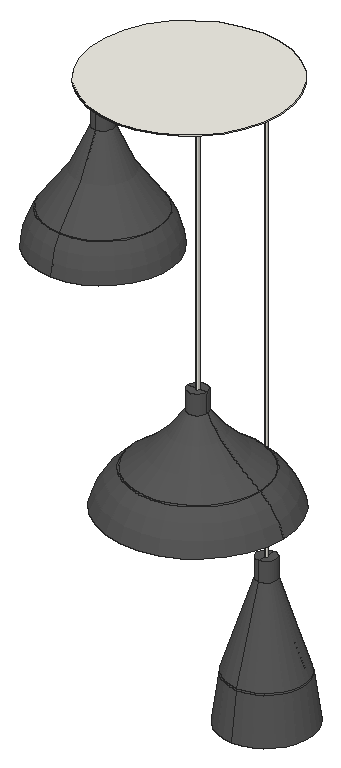
Revit family "Haworth_Swell_ThreeMixedLights", category Lighting Fixtures, Revit 2018
Family settings
  Round Connector Dimension = Use Diameter
  Part Type = Normal
  OmniClass Number = 23.80.70.11.14
  OmniClass Title = General Luminaries, Directional
  Work Plane-Based = No
  Always vertical = Yes
  Cut with Voids When Loaded = No
  Light Source = Yes
  Shared = No
  Room Calculation Point = No
Parameters (values of type "LSP3-2810")
  Wattage Comments = ""
  Wattage = 2.85 W
  Warranty = "http://www.haworth.com/resources/product-info/warranties"
  built-in parameter 1150110 = 1 (stored number, unit not read)
  URL - Product = "http://www.haworth.com/products/lighting/pendant/swell"
  URL = "http://www.haworth.com/our-brands/haworth-collection"
  Trim Finish = Haworth _ Paint _ Collection White
  built-in parameter 1114217 = 1 (stored number, unit not read)
  built-in parameter 1150109 = 1 (stored number, unit not read)
  built-in parameter 1150134 = 5
  built-in parameter 1150113 = 1 (stored number, unit not read)
  Size = "Verify Final Dim. w/ Haworth"  # constant formula
  Revision Number = "1"  # constant formula
  Model = "LSP3-2810"
  Manufacturer = "Haworth"  # constant formula
  built-in parameter 1150105 = 90.718 (stored number, unit not read)
  Lumens = 285 lm
  built-in parameter 1150115 = 1 (stored number, unit not read)
  Light Source Symbol Size = 12"  # constant formula
  built-in parameter 1150137 = (empty or 0)
  built-in parameter 1150139 = (empty or 0)
  built-in parameter 1150112 = 1 (stored number, unit not read)
  Lamp Outer Finish [instance] = Haworth _ Paint _ Collection Black
  built-in parameter 1150114 = 1 (stored number, unit not read)
  Lamp Inner Finish [instance] = Haworth _ Metal _ Chrome
  built-in parameter 1150132 = 2
  built-in parameter 1150102 = (empty or 0)
  built-in parameter 1150107 = 6000 (stored number, unit not read)
  built-in parameter 1150138 = (empty or 0)
  built-in parameter 1150106 = 22.68 (stored number, unit not read)
  Height = 120"  # constant formula
  Emit from Circle Diameter = 27"
  Emit Shape Visible in Rendering = no
  built-in parameter 1150104 = 9.2903 (stored number, unit not read)
  Dimming Lamp Color Temperature Shift = Incandescent Lamp Curve
  Description = "Haworth Swell Three Mixed Lights"
  Color Filter = 16777215
  Base Offset [instance] = 0"
  Base Length = 82 1/2"
  built-in parameter 1114218 = 1 (stored number, unit not read)
  Author = "Haworth (Hampton)"  # constant formula
  built-in parameter 1150133 = 2 (stored number, unit not read)
  Assembly Code = "D5020200"
Reference planes (in)
  plane 1 "Center F/B": y = 8.82887
  plane 2 "Base": z = 0
  plane 3 "Center L/R": x = 1.15861
  plane 4 "Lamp Height": z = 120
  plane 5 "Lamp Centerline": y = 4.82887
  plane 6 "Middle": x = -6.85793
  plane 7 "Small": x = 4.81871
  plane 8 "Large": x = 5.14207
Forms (in)
  Revolve 1, solid, material "Haworth _ Paint _ Collection Black" <- "Lamp Outer Finish"
    sketch origin (0, 4.82887, 0) x (-1, 0, 0) y (0, 0, 1)
      loop
        line (-5.14207, 97.31457) -> (-5.14207, 93.0467) -> (-3.89207, 93.0467) -> (-4.21213, 94.59975)
        arc (-4.21213, 94.59975) -> (-2.13642, 92.27122) -> (0.35925, 90.3998) r 15.67592
        arc (0.35925, 90.3998) -> (0.38559, 90.38272) -> (0.41081, 90.36403) r 0.5
        arc (0.41081, 90.36403) -> (1.56673, 89.12567) -> (2.3036, 87.60032) r 5.65009
        line (2.3036, 87.60032) -> (2.82488, 87.60032)
        arc (2.82488, 87.60032) -> (2.02232, 89.34446) -> (0.72105, 90.75614) r 6.15009
        arc (0.72105, 90.75614) -> (0.67061, 90.79353) -> (0.61793, 90.82768) r 1
        arc (0.61793, 90.82768) -> (-2.09407, 92.91871) -> (-4.26819, 95.56457) r 15.17592
        line (-4.26819, 95.56457) -> (-4.26819, 97.31457) -> (-5.14207, 97.31457)
      axis (-5.14207, 97.31457) -> (-5.14207, 87.60032)
    angle from 0 to 360
  Extrusion 2, solid, material "Haworth _ Paint _ Collection White" <- "Trim Finish"
    sketch origin (0, 0, 30.04855) x (0, -1, 0) y (1, 0, 0)
      loop
        circle (-8.82887, 1.15861) r 8.5
    from 89.87271 to 89.95145
  Extrusion 3, solid, material "Haworth _ Paint _ Collection White" <- "Trim Finish"
    sketch origin (0, 0, 30.04855) x (0, -1, 0) y (1, 0, 0)
      loop
        circle (-8.82887, -6.85793) r 0.125
    from 84.98255 to 89.87271
  Extrusion 4, solid, material "Haworth _ Paint _ Collection White" <- "Trim Finish"
    sketch origin (0, 0, 30.04855) x (0, -1, 0) y (1, 0, 0)
      loop
        circle (-13.2121, 4.81871) r 0.12515
    from 49.54948 to 89.87271
  Extrusion 5, solid, material "Haworth _ Paint _ Collection White" <- "Trim Finish"
    sketch origin (0, 0, 30.04855) x (0, -1, 0) y (1, 0, 0)
      loop
        circle (-4.82098, 5.14207) r 0.12576
    from 67.26602 to 89.87271
  Revolve 6, solid, material "Haworth _ Metal _ Chrome" <- "Lamp Inner Finish"
    sketch origin (5.14207, 0, 0) x (0, 1, 0) y (0, 0, 1)
      loop
        arc (3.89893, 94.59975) -> (2.21598, 92.61135) -> (0.20556, 90.95479) r 14.55561
        arc (0.20556, 90.95479) -> (0.188, 90.94332) -> (0.16998, 90.9326) r 0.5
        arc (0.16998, 90.9326) -> (-1.52538, 89.519) -> (-2.6168, 87.60032) r 6.18877
        line (-2.6168, 87.60032) -> (-2.48413, 87.60032)
        arc (-2.48413, 87.60032) -> (-1.46111, 89.40069) -> (0.10805, 90.75187) r 6.06377
        arc (0.10805, 90.75187) -> (0.31013, 90.87833) -> (0.50703, 91.01272) r 6
        arc (0.50703, 91.01272) -> (2.30139, 92.52002) -> (3.83306, 94.29364) r 14.68061
        line (3.83306, 94.29364) -> (3.89893, 94.59975)
      axis (4.82887, 94.59975) -> (4.82887, 87.60032)
    angle from 0 to 360
  Revolve 7, solid, material "Haworth _ Paint _ Collection Black" <- "Lamp Outer Finish"
    sketch origin (-6.85793, 0, 0) x (0, 1, 0) y (0, 0, 1)
      loop
        line (8.82887, 115.0311) -> (7.95474, 115.0311) -> (7.95474, 113.27375)
        arc (7.95474, 113.27375) -> (6.25035, 109.65698) -> (3.8641, 106.44889) r 20.10924
        arc (3.8641, 106.44889) -> (3.8353, 106.41429) -> (3.80973, 106.37723) r 0.5
        arc (3.80973, 106.37723) -> (3.11678, 104.88532) -> (2.81173, 103.26886) r 6.64209
        line (2.81173, 103.26886) -> (3.31278, 103.26886)
        arc (3.31278, 103.26886) -> (3.59032, 104.72457) -> (4.20843, 106.07143) r 6.14209
        arc (4.20843, 106.07143) -> (4.23455, 106.1098) -> (4.26411, 106.14558) r 0.5
        arc (4.26411, 106.14558) -> (6.32129, 108.82443) -> (7.91328, 111.80332) r 20.60924
        line (7.91328, 111.80332) -> (7.61529, 110.27031) -> (8.82887, 110.27031) -> (8.82887, 115.0311)
      axis (8.82887, 103.26886) -> (8.82887, 115.0311)
    angle from 0 to 360
  Revolve 8, solid, material "Haworth _ Metal _ Chrome" <- "Lamp Inner Finish"
    sketch origin (-6.85793, 0, 0) x (0, 1, 0) y (0, 0, 1)
      loop
        arc (7.91328, 111.80332) -> (6.3701, 108.82387) -> (4.30732, 106.17747) r 18.24174
        arc (4.30732, 106.17747) -> (4.278, 106.1433) -> (4.25186, 106.10662) r 0.5
        arc (4.25186, 106.10662) -> (3.60084, 104.7478) -> (3.31278, 103.26886) r 5.93805
        line (3.31278, 103.26886) -> (3.43806, 103.26886)
        arc (3.43806, 103.26886) -> (3.71887, 104.70658) -> (4.35018, 106.02844) r 5.81305
        arc (4.35018, 106.02844) -> (4.37647, 106.06547) -> (4.406, 106.09996) r 0.5
        arc (4.406, 106.09996) -> (6.30607, 108.49717) -> (7.78193, 111.17648) r 18.36674
        line (7.78193, 111.17648) -> (7.91328, 111.80332)
      axis (8.82887, 103.26886) -> (8.82887, 111.80332)
    angle from 0 to 360
  Revolve 9, solid, material "Haworth _ Paint _ Collection Black" <- "Lamp Outer Finish"
    sketch origin (4.81871, 0, 0) x (0, -1, 0) y (0, 0, 1)
      loop
        line (-13.2121, 79.59803) -> (-13.2121, 74.83603) -> (-12.25495, 74.83603) -> (-12.34469, 75.86172)
        arc (-12.34469, 75.86172) -> (-11.40991, 72.85858) -> (-10.30003, 69.91565) r 53.4301
        arc (-10.30003, 69.91565) -> (-10.27388, 69.84449) -> (-10.2532, 69.77155) r 1
        arc (-10.2532, 69.77155) -> (-9.88338, 67.82537) -> (-9.71217, 65.85178) r 19.57403
        line (-9.71217, 65.85178) -> (-9.21185, 65.85178)
        arc (-9.21185, 65.85178) -> (-9.38961, 67.90482) -> (-9.77691, 69.92881) r 20.07403
        arc (-9.77691, 69.92881) -> (-9.79753, 70.00109) -> (-9.82353, 70.07161) r 1
        arc (-9.82353, 70.07161) -> (-11.23452, 73.91176) -> (-12.34469, 77.84942) r 52.9301
        line (-12.34469, 77.84942) -> (-12.34469, 79.59803) -> (-13.2121, 79.59803)
      axis (-13.2121, 79.59803) -> (-13.2121, 65.85178)
    angle from 0 to 360
  Revolve 10, solid, material "Haworth _ Metal _ Chrome" <- "Lamp Inner Finish"
    sketch origin (4.81871, 0, 0) x (0, -1, 0) y (0, 0, 1)
      loop
        line (-12.34469, 75.86172) -> (-12.19004, 74.83603)
        arc (-12.19004, 74.83603) -> (-11.39954, 72.38912) -> (-10.46367, 69.99404) r 42.84602
        arc (-10.46367, 69.99404) -> (-10.43245, 69.91059) -> (-10.40879, 69.8247) r 1
        arc (-10.40879, 69.8247) -> (-10.04217, 67.84988) -> (-9.8374, 65.85178) r 24.67287
        line (-9.8374, 65.85178) -> (-9.71217, 65.85178)
        arc (-9.71217, 65.85178) -> (-9.91873, 67.86964) -> (-10.28952, 69.86387) r 24.79787
        arc (-10.28952, 69.86387) -> (-10.31319, 69.94965) -> (-10.34439, 70.03298) r 1
        arc (-10.34439, 70.03298) -> (-11.44977, 72.91124) -> (-12.34469, 75.86172) r 42.72102
      axis (-13.2121, 65.85178) -> (-13.2121, 75.86172)
    angle from 0 to 360
Lines and regions (in)
  symbolic lines
    curve 1: circle (-6.85793, 8.82887, 30.04855) r 5.75 normal (0, 0, -1)
    curve 2: arc (4.81871, 17.21234, 30.04855) -> (8.81895, 13.2121, 30.04855) -> (4.81871, 9.21185, 30.04855) r 4.00024
    curve 3: arc (4.81871, 9.21185, 30.04855) -> (0.81847, 13.2121, 30.04855) -> (4.81871, 17.21234, 30.04855) r 4.00024
    curve 4: arc (-2.82488, 4.82887, 30.04855) -> (5.14207, 12.79582, 30.04855) -> (13.10902, 4.82887, 30.04855) r 7.96695
    curve 5: arc (13.10902, 4.82887, 30.04855) -> (5.14207, -3.13808, 30.04855) -> (-2.82488, 4.82887, 30.04855) r 7.96695
    curve 6: circle (1.15861, 8.82887, 30.04855) r 8.5 normal (0, 0, -1)
Dimensions and locks (in)
  "Height": plane 4 "Lamp Height" to plane 2 "Base"
  plane 5 "Lamp Centerline" to plane 1 "Center F/B" = 4"
  plane 2 "Base" to level = 0"
Automatic sketch dimensions
  plane 1 "Center F/B" to Extrusion 2 sketch curve = 0"
  Extrusion 2 sketch curve to plane 3 "Center L/R" = 0"
  plane 1 "Center F/B" to Extrusion 3 sketch curve = 0"
  Extrusion 3 sketch curve to plane 6 "Middle" = 0"
  Extrusion 4 sketch curve to plane 7 "Small" = 0"
  Extrusion 4 sketch curve to plane 1 "Center F/B" = 4.38323"
  Extrusion 5 sketch curve to plane 8 "Large" = 0"
  plane 1 "Center F/B" to Extrusion 5 sketch curve = 4.00789"
  Revolve 1 sketch curve to Revolve 1 sketch curve = 0"  (x8)
  Revolve 1 sketch curve to plane 8 "Large" = 0"  (x2)
  plane 7 "Small" to Revolve 1 sketch curve = 0.55052"
  plane 7 "Small" to Revolve 1 sketch curve = 0.92664"
  plane 7 "Small" to Revolve 1 sketch curve = 1.72381"
  Revolve 1 sketch curve to plane 3 "Center L/R" = 1.25918"
  Revolve 1 sketch curve to Revolve 1 sketch curve = 2.20302"
  Revolve 1 sketch curve to Revolve 1 sketch curve = 0.52129"
  Revolve 1 sketch curve to plane 6 "Middle" = 1.6113"
  plane 4 "Lamp Height" to Revolve 1 sketch curve = 34.06694"
  Revolve 1 sketch curve to Revolve 1 sketch curve = 1.66726"
  Revolve 1 sketch curve to Revolve 1 sketch curve = 2.3716"
  Revolve 1 sketch curve to Revolve 1 sketch curve = 3.07479"
  Revolve 1 sketch curve to Revolve 1 sketch curve = 2.51787"
  Revolve 1 sketch curve to Revolve 1 sketch curve = 1 3/4"
  Revolve 1 sketch curve to Revolve 1 sketch curve = 6.50025"
  plane 7 "Small" to Revolve 1 sketch curve = 0.60658"
  Revolve 1 sketch curve to Revolve 1 sketch curve = 0.05156"
  Revolve 1 sketch curve to level = 12"
  Revolve 1 sketch curve to plane 4 "Lamp Height" = 0.06281"
  Revolve 6 sketch curve to Revolve 6 sketch curve = 0"  (x7)
  Revolve 6 sketch curve to plane 5 "Lamp Centerline" = 0"
  Revolve 6 sketch curve to plane 5 "Lamp Centerline" = 0.92993"
  Revolve 6 sketch curve to Revolve 6 sketch curve = 0.06588"
  Revolve 6 sketch curve to plane 5 "Lamp Centerline" = 1.60683"
  Revolve 6 sketch curve to Revolve 6 sketch curve = 3.90965"
  Revolve 6 sketch curve to Revolve 6 sketch curve = 2.5402"
  Revolve 6 sketch curve to Revolve 6 sketch curve = 2.89659"
  Revolve 6 sketch curve to Revolve 6 sketch curve = 5.03507"
  plane 4 "Lamp Height" to Revolve 6 sketch curve = 34.45124"
  Revolve 6 sketch curve to Revolve 6 sketch curve = 2.05156"
  Revolve 6 sketch curve to Revolve 6 sketch curve = 3.76726"
  Revolve 6 sketch curve to Revolve 6 sketch curve = 2.92607"
  Revolve 6 sketch curve to Revolve 6 sketch curve = 0.30611"
  Revolve 6 sketch curve to Revolve 6 sketch curve = 4.53269"
  Revolve 6 sketch curve to Revolve 6 sketch curve = 0.13266"
  Revolve 6 sketch curve to level = 12"
  Revolve 6 sketch curve to Revolve 6 sketch curve = 1.40025"
  Revolve 7 sketch curve to Revolve 7 sketch curve = 0"  (x6)
  Revolve 7 sketch curve to plane 1 "Center F/B" = 0"
  plane 1 "Center F/B" to Revolve 7 sketch curve = 0.87413"
  plane 1 "Center F/B" to Revolve 7 sketch curve = 0.91559"
  plane 1 "Center F/B" to Revolve 7 sketch curve = 1.21357"
  Revolve 7 sketch curve to plane 5 "Lamp Centerline" = 0.19448"
  Revolve 7 sketch curve to Revolve 7 sketch curve = 0.40075"
  Revolve 7 sketch curve to plane 5 "Lamp Centerline" = 1.51608"
  Revolve 7 sketch curve to Revolve 7 sketch curve = 0.50105"
  plane 4 "Lamp Height" to Revolve 7 sketch curve = 0.00486"
  Revolve 7 sketch curve to plane 5 "Lamp Centerline" = 15.82682"
  Revolve 7 sketch curve to plane 1 "Center F/B" = 0.61204"
  plane 4 "Lamp Height" to Revolve 7 sketch curve = 4.9689"
  Revolve 7 sketch curve to Revolve 7 sketch curve = 1.75735"
  Revolve 7 sketch curve to Revolve 7 sketch curve = 1.47043"
  Revolve 7 sketch curve to Revolve 7 sketch curve = 1.53301"
  Revolve 7 sketch curve to Revolve 7 sketch curve = 4.15823"
  Revolve 7 sketch curve to Revolve 7 sketch curve = 0.3025"
  Revolve 7 sketch curve to Revolve 7 sketch curve = 2.54072"
  Revolve 7 sketch curve to Revolve 7 sketch curve = 2.95475"
  Revolve 8 sketch curve to Revolve 8 sketch curve = 0"  (x6)
  Revolve 8 sketch curve to plane 1 "Center F/B" = 0"
  plane 4 "Lamp Height" to Revolve 8 sketch curve = 0"
  plane 1 "Center F/B" to Revolve 8 sketch curve = 0.91559"
  Revolve 8 sketch curve to Revolve 8 sketch curve = 0.13135"
  Revolve 8 sketch curve to plane 5 "Lamp Centerline" = 0.05825"
  Revolve 8 sketch curve to Revolve 8 sketch curve = 0.09889"
  Revolve 8 sketch curve to plane 5 "Lamp Centerline" = 1.39081"
  Revolve 8 sketch curve to Revolve 8 sketch curve = 0.12527"
  plane 4 "Lamp Height" to Revolve 8 sketch curve = 1.33236"
  Revolve 8 sketch curve to plane 5 "Lamp Centerline" = 13.81653"
  Revolve 8 sketch curve to plane 1 "Center F/B" = 0.40937"
  plane 4 "Lamp Height" to Revolve 8 sketch curve = 8.19668"
  Revolve 8 sketch curve to Revolve 8 sketch curve = 0.62684"
  Revolve 8 sketch curve to Revolve 8 sketch curve = 5.34136"
  Revolve 8 sketch curve to Revolve 8 sketch curve = 0.07729"
  Revolve 8 sketch curve to Revolve 8 sketch curve = 2.48897"
  Revolve 8 sketch curve to Revolve 8 sketch curve = 2.87558"
  Revolve 8 sketch curve to plane 4 "Lamp Height" = 3/4"
  Revolve 10 sketch curve to Revolve 10 sketch curve = 0"  (x7)
  Revolve 10 sketch curve to plane 1 "Center F/B" = 25.6349"
  Revolve 10 sketch curve to plane 1 "Center F/B" = 3.51582"
  Revolve 10 sketch curve to Revolve 10 sketch curve = 0.15464"
  Revolve 10 sketch curve to plane 1 "Center F/B" = 2.55488"
  Revolve 10 sketch curve to Revolve 10 sketch curve = 0.11938"
  Revolve 10 sketch curve to plane 1 "Center F/B" = 1.00853"
  Revolve 10 sketch curve to Revolve 10 sketch curve = 0.12523"
  Revolve 10 sketch curve to plane 5 "Lamp Centerline" = 33.78689"
  plane 4 "Lamp Height" to Revolve 10 sketch curve = 55.66245"
  Revolve 10 sketch curve to Revolve 10 sketch curve = 1.51423"
  Revolve 10 sketch curve to Revolve 10 sketch curve = 3.75052"
  Revolve 10 sketch curve to Revolve 10 sketch curve = 0.03871"
  Revolve 10 sketch curve to Revolve 10 sketch curve = 5.19502"
  Revolve 10 sketch curve to Revolve 10 sketch curve = 1.02569"
  plane 4 "Lamp Height" to Revolve 10 sketch curve = 33.22168"
  Revolve 10 sketch curve to Revolve 10 sketch curve = 0.86741"
  Revolve 10 sketch curve to Revolve 10 sketch curve = 2 1/2"
  Revolve 9 sketch curve to Revolve 9 sketch curve = 0"  (x7)
  Revolve 9 sketch curve to plane 1 "Center F/B" = 20.44471"
  Revolve 9 sketch curve to plane 1 "Center F/B" = 4.38323"  (x2)
  Revolve 9 sketch curve to Revolve 9 sketch curve = 0.86741"  (x2)
  Revolve 9 sketch curve to plane 1 "Center F/B" = 2.39605"
  Revolve 9 sketch curve to Revolve 9 sketch curve = 0.47677"
  Revolve 9 sketch curve to plane 1 "Center F/B" = 0.8833"
  Revolve 9 sketch curve to plane 1 "Center F/B" = 0.38298"
  Revolve 9 sketch curve to plane 5 "Lamp Centerline" = 43.94529"
  plane 4 "Lamp Height" to Revolve 9 sketch curve = 54.851"
  Revolve 9 sketch curve to Revolve 9 sketch curve = 0.70278"
  Revolve 9 sketch curve to Revolve 9 sketch curve = 3 175/256"
  Revolve 9 sketch curve to Revolve 9 sketch curve = 0.15531"
  Revolve 9 sketch curve to Revolve 9 sketch curve = 5.30064"
  Revolve 9 sketch curve to Revolve 9 sketch curve = 1.02569"
  Revolve 9 sketch curve to Revolve 9 sketch curve = 1.9877"
  Revolve 9 sketch curve to Revolve 9 sketch curve = 1.74861"
  plane 4 "Lamp Height" to Revolve 9 sketch curve = 29.76713"
  Revolve 9 sketch curve to Revolve 9 sketch curve = 0.95715"
  Revolve 9 sketch curve to Revolve 9 sketch curve = 6.25375"
  curve 2 to curve 3 = 0"  (x2)
  curve 4 to curve 5 = 0"  (x2)
  curve 2 to plane 7 "Small" = 0"
  plane 1 "Center F/B" to curve 1 = 0"
  plane 1 "Center F/B" to curve 6 = 0"
  plane 5 "Lamp Centerline" to curve 4 = 0"
  curve 1 to plane 6 "Middle" = 0"
  curve 6 to plane 3 "Center L/R" = 0"
  curve 5 to plane 8 "Large" = 0"
  curve 2 to plane 1 "Center F/B" = 4.38323"
  curve 2 to plane 1 "Center F/B" = 0.38298"
  curve 4 to plane 3 "Center L/R" = 3.98349"
  radius of Extrusion 2 sketch curve = 8 1/2"
  radius of Extrusion 3 sketch curve = 1/8"
  radius of Extrusion 4 sketch curve = 0.12515"
  radius of Extrusion 5 sketch curve = 0.12576"
  radius of curve 1 = 5 3/4"
  radius of curve 6 = 8 1/2"
